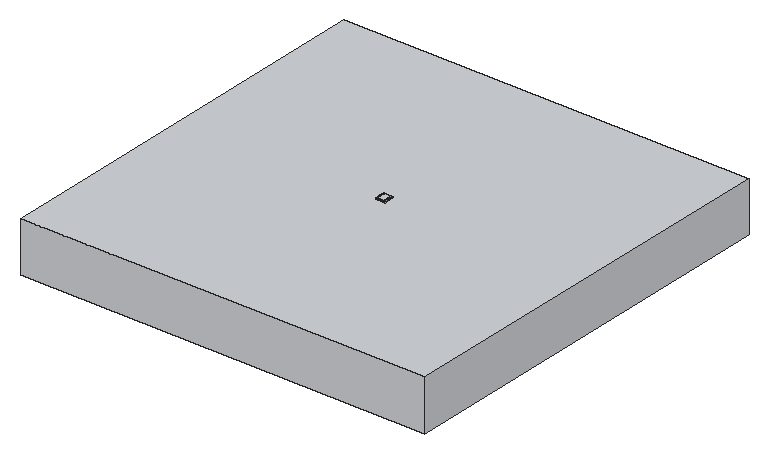
Revit family "Gira_513300", category Allgemeines Modell, Revit 2017
Family settings
  Basisbauteil = Fläche
  Kann Basisbauteil für Bewehrung sein = Nein
  Bemaßung runder Anschluss = Durchmesser verwenden
  Teiletyp = Normal
  Beim Laden mit Abzugskörper schneiden = Nein
  Gemeinsam genutzt = Nein
  Raumberechnungspunkt = Nein
Parameters
  With room temperature controller = yes
  With label area = no
  With display = no
  With anti-theft/dismantling protection = yes
  With LED indication = yes
  With IR sensor = no
  Default Elevation = 1219.2 mm
  URL = "https://www.gira.de/"
  Typname = "KNX PB sens.3 Komfort 3-g System 55, Gira E22"
  Transparent = no
  Surface protection = "Other"
  Surface finishing = "Not applicable"
  Productwebsite = "http://katalog.gira.de/en/datenblatt.html?artikelnr=513300"
  Other bus systems = "None"
  Number of buttons = 3
  Number of actuation points = 6
  Mounting method = "Flush mounted (plaster)"
  Material quality = "Other"
  Material = "Other"
  Hersteller = "Gira"
  HAN = "513300"
  GTIN = "4010337086857"
  Degree of protection (IP) = "IP20"
  Data sheet = "https://katalog.gira.de/en/download.html?artikelnr=513300"
  Colour = "Other"
  Bus system radio frequent = no
  Bus system Powernet = no
  Bus system LON = no
  Bus system KNX radio = no
  Bus system KNX = yes
  Bus connection included = no
  Beschreibung = "KNX PB sens.3 Kmf 3g Sys55,KNX pushbutton sensor 3 Komfort, 3-gang,System 55, Gira E22,Start-up rocker,Features:,- Mounting on bus coupler 3.,- Disassembly safeguard by screw connection.,- Two multicoloured status LEDs per operating surface.,- Integrated temperature sensor for measuring and forwarding the ambient room temperature.,- Rocker or button function can be set for each operating surface.,- Rocker function: Switching, dimming, blind control, value transmitter 1-byte, value transmitter 2-byte, scene auxiliary unit, and room temperature controller auxiliary unit.,- Button function: Switching, dimming, blind control, value transmitter 1-byte, value transmitter 2-byte, scene auxiliary unit, and room temperature controller auxiliary unit.,- Controller auxiliary unit: Operating mode changeover with normal and high priority, defined selection of operating mode, toggle between various operating modes, switching of presence condition, setpoint offset.,- Blocker for blocking individual button or rocker functions.,- Alarm message displayed through all LEDs flashing.,- Multicoloured status LED (red, green, blue) can be configured globally or separately. A superimposed function can be activated on the bus whereby the colour and display information of individual status LEDs can be modified according to priority.,- Communication object for brightness control of status LED and illumination of inscription space (e.g. for reducing brightness in bedrooms at night).,- Inscription space illumination for rocker sets with inscription space.,- Illumination of inscription space ON, OFF, automatic switch-off, or switchable via object.,,Notes :,- Professional labelling with the Gira Inscription Service www.marking.gira.com.,- The pushbutton sensor is supplied with a program-neutral start-up rocker. The suitable rocker set for the design line must be ordered separately."
  BIM = "https://media.stage.bim.site/public/gira/ad86d9f/SYS55_Tastsensor.rfa"
Reference planes
  plane 1 "Center (Front/Back)": y = 0
  plane 2: z = 0
  plane 3 "Center (Left/Right)": x = 0
Forms (mm)
  Extrusion 1, solid
    sketch origin (0, 0, 0) x (1, 0, 0) y (0, 1, 0)
      loop
        line (-1219.2, 1219.2) -> (-1219.2, -1219.2) -> (1219.2, -1219.2) -> (1219.2, 1219.2) -> (-1219.2, 1219.2)
    from 0 to -304.8
  Extrusion 2, solid, detail levels fine
    sketch origin (0, 0, 0) x (1, 0, 0) y (0, 1, 0)
      loop
        line (-6.6, -21.3) -> (-6.6, -16) -> (6.6, -16) -> (6.6, -21.3) -> (7.4, -21.3) -> (7.4, -15.2) -> (-7.4, -15.2) -> (-7.4, -21.3) -> (-6.6, -21.3)
    from -9.5 to -1.5
  Extrusion 3, solid, detail levels fine
    sketch origin (0, 0, 0) x (1, 0, 0) y (0, 1, 0)
      loop
        circle (-5.08, -17.5) r 0.5
      loop
        circle (-2.54, -17.48) r 0.5
      loop
        circle (0, -17.5) r 0.5
      loop
        circle (2.54, -17.48) r 0.5
      loop
        circle (5.08, -17.5) r 0.5
      loop
        circle (5.08, -20.04) r 0.5
      loop
        circle (2.54, -20.02) r 0.5
      loop
        circle (0, -20.04) r 0.5
      loop
        circle (-2.54, -20.02) r 0.5
      loop
        circle (-5.08, -20.04) r 0.5
    from -8.48 to -1.5
  Extrusion 4, solid, detail levels fine
    sketch origin (0, 0, 0) x (1, 0, 0) y (0, 1, 0)
      loop
        arc (-23.95, -19.15) -> (-22.544, -22.544) -> (-19.15, -23.95) r 4.8
        line (-19.15, -23.95) -> (19.15, -23.95)
        arc (19.15, -23.95) -> (22.544, -22.544) -> (23.95, -19.15) r 4.8
        line (23.95, -19.15) -> (23.95, 19.15)
        arc (23.95, 19.15) -> (22.544, 22.544) -> (19.15, 23.95) r 4.8
        line (19.15, 23.95) -> (-19.15, 23.95)
        arc (-19.15, 23.95) -> (-22.544, 22.544) -> (-23.95, 19.15) r 4.8
        line (-23.95, 19.15) -> (-23.95, -19.15)
    from -1.5 to 0.5
  Extrusion 5, solid, detail levels fine
    sketch origin (0, 0, 0) x (1, 0, 0) y (0, 1, 0)
      loop
        line (27.6, -27.7) -> (27.6, -26.6) -> (26.1, -26.6) -> (26.1, -10.4) -> (27.45, -10.4) -> (27.45, -8.1) -> (26.1, -8.1) -> (26.1, 8.1) -> (27.45, 8.1) -> (27.45, 10.4) -> (26.1, 10.4) -> (26.1, 26.6) -> (27.6, 26.6) -> (27.6, 27.7) -> (-27.6, 27.7) -> (-27.6, 26.6) -> (-26.1, 26.6) -> (-26.1, 10.4) -> (-27.45, 10.4) -> (-27.45, 8.1) -> (-26.1, 8.1) -> (-26.1, -8.1) -> (-27.45, -8.1) -> (-27.45, -10.4) -> (-26.1, -10.4) -> (-26.1, -26.6) -> (-27.6, -26.6) -> (-27.6, -27.7) -> (27.6, -27.7)
    from 0 to 5.44
  Extrusion 6, solid, detail levels fine
    sketch origin (0, 0, 0) x (0, 1, 0) y (0, 0, 1)
      loop
        arc (15.5, 5.92) -> (15.146, 5.774) -> (15, 5.42) r 0.5
        line (15, 5.42) -> (15, 3.62)
        arc (15, 3.62) -> (15.146, 3.267) -> (15.5, 3.12) r 0.5
        line (15.5, 3.12) -> (21.5, 3.12)
        arc (21.5, 3.12) -> (21.854, 3.267) -> (22, 3.62) r 0.5
        line (22, 3.62) -> (22, 5.42)
        arc (22, 5.42) -> (21.854, 5.774) -> (21.5, 5.92) r 0.5
        line (21.5, 5.92) -> (15.5, 5.92)
      loop
        line (11.4, 1.3) -> (25.6, 1.3)
        arc (25.6, 1.3) -> (25.954, 1.446) -> (26.1, 1.8) r 0.5
        line (26.1, 1.8) -> (26.1, 5.7) -> (27.65, 5.7) -> (27.635, 7.4) -> (-27.635, 7.4) -> (-27.65, 5.7) -> (-26.1, 5.7) -> (-26.1, 1.8)
        arc (-26.1, 1.8) -> (-25.954, 1.446) -> (-25.6, 1.3) r 0.5
        line (-25.6, 1.3) -> (-11.4, 1.3)
        arc (-11.4, 1.3) -> (-11.046, 1.446) -> (-10.9, 1.8) r 0.5
        line (-10.9, 1.8) -> (-10.9, 5.7) -> (-8.05, 5.7) -> (-8.05, 1.8)
        arc (-8.05, 1.8) -> (-7.904, 1.446) -> (-7.55, 1.3) r 0.5
        line (-7.55, 1.3) -> (7.55, 1.3)
        arc (7.55, 1.3) -> (7.904, 1.446) -> (8.05, 1.8) r 0.5
        line (8.05, 1.8) -> (8.05, 5.7) -> (10.9, 5.7) -> (10.9, 1.8)
        arc (10.9, 1.8) -> (11.046, 1.446) -> (11.4, 1.3) r 0.5
      loop
        line (3, 5.92) -> (-3, 5.92)
        arc (-3, 5.92) -> (-3.354, 5.774) -> (-3.5, 5.42) r 0.5
        line (-3.5, 5.42) -> (-3.5, 3.62)
        arc (-3.5, 3.62) -> (-3.354, 3.267) -> (-3, 3.12) r 0.5
        line (-3, 3.12) -> (3, 3.12)
        arc (3, 3.12) -> (3.354, 3.267) -> (3.5, 3.62) r 0.5
        line (3.5, 3.62) -> (3.5, 5.42)
        arc (3.5, 5.42) -> (3.354, 5.774) -> (3, 5.92) r 0.5
      loop
        arc (-15.5, 3.12) -> (-15.146, 3.267) -> (-15, 3.62) r 0.5
        line (-15, 3.62) -> (-15, 5.42)
        arc (-15, 5.42) -> (-15.146, 5.774) -> (-15.5, 5.92) r 0.5
        line (-15.5, 5.92) -> (-21.5, 5.92)
        arc (-21.5, 5.92) -> (-21.854, 5.774) -> (-22, 5.42) r 0.5
        line (-22, 5.42) -> (-22, 3.62)
        arc (-22, 3.62) -> (-21.854, 3.267) -> (-21.5, 3.12) r 0.5
        line (-21.5, 3.12) -> (-15.5, 3.12)
    from -27.45 to -25
  Extrusion 7, solid, detail levels fine
    sketch origin (0, 0, 0) x (0, 1, 0) y (0, 0, -1)
      loop
        line (15.5, -5.92) -> (21.5, -5.92)
        arc (21.5, -5.92) -> (21.854, -5.774) -> (22, -5.42) r 0.5
        line (22, -5.42) -> (22, -3.62)
        arc (22, -3.62) -> (21.854, -3.267) -> (21.5, -3.12) r 0.5
        line (21.5, -3.12) -> (15.5, -3.12)
        arc (15.5, -3.12) -> (15.146, -3.267) -> (15, -3.62) r 0.5
        line (15, -3.62) -> (15, -5.42)
        arc (15, -5.42) -> (15.146, -5.774) -> (15.5, -5.92) r 0.5
      loop
        arc (11.4, -1.3) -> (11.046, -1.446) -> (10.9, -1.8) r 0.5
        line (10.9, -1.8) -> (10.9, -5.7) -> (8.05, -5.7) -> (8.05, -1.8)
        arc (8.05, -1.8) -> (7.904, -1.446) -> (7.55, -1.3) r 0.5
        line (7.55, -1.3) -> (-7.55, -1.3)
        arc (-7.55, -1.3) -> (-7.904, -1.446) -> (-8.05, -1.8) r 0.5
        line (-8.05, -1.8) -> (-8.05, -5.7) -> (-10.9, -5.7) -> (-10.9, -1.8)
        arc (-10.9, -1.8) -> (-11.046, -1.446) -> (-11.4, -1.3) r 0.5
        line (-11.4, -1.3) -> (-25.6, -1.3)
        arc (-25.6, -1.3) -> (-25.954, -1.446) -> (-26.1, -1.8) r 0.5
        line (-26.1, -1.8) -> (-26.1, -5.7) -> (-27.65, -5.7) -> (-27.635, -7.4) -> (27.635, -7.4) -> (27.65, -5.7) -> (26.1, -5.7) -> (26.1, -1.8)
        arc (26.1, -1.8) -> (25.954, -1.446) -> (25.6, -1.3) r 0.5
        line (25.6, -1.3) -> (11.4, -1.3)
      loop
        arc (3, -5.92) -> (3.354, -5.774) -> (3.5, -5.42) r 0.5
        line (3.5, -5.42) -> (3.5, -3.62)
        arc (3.5, -3.62) -> (3.354, -3.267) -> (3, -3.12) r 0.5
        line (3, -3.12) -> (-3, -3.12)
        arc (-3, -3.12) -> (-3.354, -3.267) -> (-3.5, -3.62) r 0.5
        line (-3.5, -3.62) -> (-3.5, -5.42)
        arc (-3.5, -5.42) -> (-3.354, -5.774) -> (-3, -5.92) r 0.5
        line (-3, -5.92) -> (3, -5.92)
      loop
        line (-15.5, -3.12) -> (-21.5, -3.12)
        arc (-21.5, -3.12) -> (-21.854, -3.267) -> (-22, -3.62) r 0.5
        line (-22, -3.62) -> (-22, -5.42)
        arc (-22, -5.42) -> (-21.854, -5.774) -> (-21.5, -5.92) r 0.5
        line (-21.5, -5.92) -> (-15.5, -5.92)
        arc (-15.5, -5.92) -> (-15.146, -5.774) -> (-15, -5.42) r 0.5
        line (-15, -5.42) -> (-15, -3.62)
        arc (-15, -3.62) -> (-15.146, -3.267) -> (-15.5, -3.12) r 0.5
    from -27.45 to -25
  Extrusion 8, solid, detail levels fine
    sketch origin (-82.195, -64.588, 0) x (1, 0, 0) y (0, 1, 0)
      loop
        line (54.545, 36.952) -> (109.845, 36.952) -> (109.845, 92.223) -> (54.545, 92.223) -> (54.545, 36.952)
    from 6.703 to 8.9
  Extrusion 9, solid, detail levels fine
    sketch origin (0, 0, 0) x (1, 0, 0) y (0, 1, 0)
      loop
        line (-19.2, 27) -> (-19.2, -27) -> (19.2, -27) -> (19.2, 27) -> (-19.2, 27)
    from 5.44 to 8
  Extrusion 10, solid, detail levels fine
    sketch origin (0, 0, 0) x (1, 0, 0) y (0, 1, 0)
      loop
        circle (-23.85, 0) r 1.269
      loop
        circle (23.85, 0) r 1.269
    from 6.703 to 9.6
  Extrusion 11, solid, detail levels medium
    sketch origin (0, 0, 0) x (1, 0, 0) y (0, 1, 0)
      loop
        line (27.65, 27.7) -> (-27.65, 27.7) -> (-27.65, -27.7) -> (27.65, -27.7) -> (27.65, 27.7)
    from 0 to 9.6
  Extrusion 12, solid, detail levels medium
    sketch origin (0, 0, 0) x (1, 0, 0) y (0, 1, 0)
      loop
        line (-23.95, -23.95) -> (23.95, -23.95) -> (23.95, 23.95) -> (-23.95, 23.95) -> (-23.95, -23.95)
    from -1.5 to 0.5
  Extrusion 13, solid, detail levels medium
    sketch origin (0, 0, 0) x (1, 0, 0) y (0, 1, 0)
      loop
        line (-7.4, -21.3) -> (7.4, -21.3) -> (7.4, -15.2) -> (-7.4, -15.2) -> (-7.4, -21.3)
    from -9.5 to -1.5
  Extrusion 14, solid, detail levels coarse
    sketch origin (0, 0, 0) x (1, 0, 0) y (0, 1, 0)
      loop
        line (27.65, 27.7) -> (-27.65, 27.7) -> (-27.65, -27.7) -> (27.65, -27.7) -> (27.65, 27.7)
    from -9.5 to 9.6
Dimensions and locks
  aligned and locked: plane 2 to Extrusion 1
  aligned and locked: level to Extrusion 1
Connectors
  electrical at (0, 0, -9.5)
    settings: on Extrusion 14, index 1, voltage 220 V, apparent load 0 VA, apparent load phase1 0 VA, apparent load phase2 0 VA, apparent load phase3 0 VA, power factor 1, load classification "Other", number of poles 1, system type 30, power factor state 1, is connector primary yes, connector utility no, sub classification motor no, connector description ""
